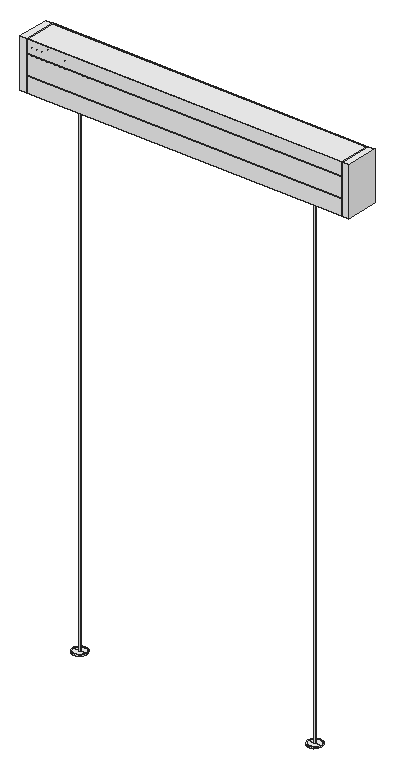
Revit family "2.3 inch  MAGIC WALL WASH LINEAR LIGHT", category Lighting Fixtures, host Face, Revit 2020 (continued)
Types (17): name | Wattage Comments | Wattage | Wall Mount | Suspenders Distance | Surface Mount | Recessed Mount | Photometric Web File | Pendent Mount | Order number | built-in parameter 1150142 | Model | built-in parameter 1150105 | Lumens | Light Source Height | Light Source Distance | built-in parameter 1150106 | Fixture Length
    0     3.23     3.25     3.28     3.31     \r\n 3.33     3.36     3.39     3.42     3.44     3.47     3.50     3.53     3.54     3.55     \r\n 3.57     3.58     3.60     3.61     3.63     3.65     3.66     3.68     3.70     3.71     \r\n 3.73     3.74     3.76     3.77     3.79     3.81     3.82     3.84     3.85     3.87     \r\n 3.88     3.90     3.91     3.93     3.94     3.96     3.97     3.99     4.00     4.01     \r\n 4.26     \r\n1793.11  1796.61  1800.05  1803.42  1806.72  1809.95  1813.08  1815.98  1818.87  1821.74  \r\n 1824.60  1827.44  1830.20  1832.79  1835.36  1837.93  1840.49  1843.04  1845.36  1847.33  \r\n 1849.25  1851.14  1852.98  1854.78  1856.55  1858.30  1860.03  1861.74  1863.43  1865.11  \r\n 1866.66  1868.07  1868.40  1863.56  1858.69  1853.82  1848.73  1843.35  1837.94  1832.51  \r\n 1827.06  1821.58  1816.14  1810.85  1805.55  1800.24  1794.91  1789.57  1784.22  1778.71  \r\n 1773.15  1767.55  1761.90  1756.20  1750.46  1744.43  1738.19  1731.93  1725.65  1719.36  \r\n 1713.05  1706.71  1700.39  1694.03  1683.04  1671.31  1659.54  1647.72  1635.86  1623.97  \r\n 1612.05  1600.08  1588.07  1576.03  1563.94  1551.77  1539.23  1526.64  1513.99  1501.29  \r\n 1488.54  1475.73  1462.86  1449.86  1436.75  1423.59  1410.35  1397.05  1383.69  1370.26  \r\n 1356.77  1343.37  1329.94  1316.47  1301.11  1283.30  1265.42  1247.48  1229.48  1211.22  \r\n 1192.80  1174.32  1155.77  1137.17  1118.50  1099.77  1080.99  1062.14  1043.22  1024.25  \r\n 1005.24  986.18   967.08   947.95   928.77   909.55   890.30   871.00   851.57   832.00   \r\n 812.39   792.74   773.05   753.31   735.63   718.02   700.39   682.75   665.09   647.41   \r\n 629.68   611.92   594.14   576.36   558.56   540.76   522.94   505.11   487.27   469.43   \r\n 451.57   433.70   415.82   397.93   380.04   362.12   344.19   326.25   308.31   290.35   \r\n 272.39   254.43   238.97   230.46   221.96   213.45   204.95   196.45   187.95   179.46   \r\n 170.96   162.46   153.97   145.48   136.99   128.49   120.00   111.51   103.03   94.54    \r\n 86.05    77.56    69.08    60.59    52.11    43.62    35.14    26.65    18.17    9.68     \r\n 1.20     1.18     1.16     1.14     1.13     1.11     1.09     1.07     1.06     1.04     \r\n 1.02     1.00     0.99     0.97     0.95     0.94     0.92     0.90     0.89     0.87     \r\n 0.85     0.84     0.82     0.80     0.79     0.77     0.76     0.74     0.73     0.74     \r\n 0.76     0.78     0.80     0.83     0.85     0.87     0.89     0.92     0.94     0.96     \r\n 0.98     1.00     1.02     1.05     1.07     1.09     1.11     1.13     1.15     1.17     \r\n 1.19     1.22     1.24     1.26     1.28     1.31     1.33     1.35     1.37     1.40     \r\n 1.42     1.45     1.47     1.50     1.53     1.55     1.58     1.61     1.63     1.66     \r\n 1.69     1.72     1.74     1.77     1.80     1.83     1.85     1.88     1.91     1.94     \r\n 1.97     2.00     2.03     2.05     2.08     2.11     2.14     2.17     2.19     2.21     \r\n 2.23     2.26     2.28     2.30     2.33     2.35     2.37     2.40     2.42     2.45     \r\n 2.47     2.50     2.52     2.55     2.58     2.60     2.63     2.65     2.67     2.70     \r\n 2.72     2.75     2.77     2.80     2.82     2.85     2.88     2.90     2.92     2.94     \r\n 2.97     2.99     3.01     3.03     3.06     3.08     3.10     3.12     3.15     3.17     \r\n 3.19     3.22     3.24     3.26     3.29     3.31     3.34     3.37     3.39     3.41     \r\n 3.44     3.46     3.48     3.51     3.53     3.56     3.58     3.61     3.63     3.65     \r\n 3.66     3.67     3.68     3.70     3.71     3.72     3.73     3.75     3.76     3.77     \r\n 3.79     3.80     3.81     3.82     3.84     3.85     3.86     3.87     3.89     3.90     \r\n 3.91     3.92     3.94     3.95     3.96     3.97     3.98     3.99     4.00     4.01     \r\n 4.26     \r\n1793.11  1795.39  1797.61  1799.79  1801.91  1803.98  1805.99  1807.95  1809.82  1811.58  \r\n 1813.32  1815.05  1816.77  1818.48  1820.18  1821.86  1823.45  1824.95  1826.44  1827.93  \r\n 1829.40  1830.87  1832.32  1833.77  1834.89  1835.82  1836.72  1837.58  1838.42  1839.22  \r\n 1839.99  1840.72  1835.18  1829.58  1823.97  1818.34  1812.70  1807.03  1801.35  1795.64  \r\n 1789.82  1783.93  1778.02  1772.09  1766.16  1760.20  1754.23  1748.24  1742.11  1735.73  \r\n 1729.33  1722.91  1716.47  1710.01  1703.53  1697.03  1690.51  1684.18  1677.87  1671.55  \r\n 1665.22  1658.88  1651.11  1639.40  1627.63  1615.80  1603.72  1591.61  1579.48  1567.32  \r\n 1555.13  1542.92  1530.68  1518.42  1506.13  1493.69  1481.13  1468.55  1455.94  1443.31  \r\n 1430.65  1417.97  1405.26  1392.53  1379.77  1366.95  1354.09  1341.20  1328.27  1315.32  \r\n 1302.34  1289.32  1276.22  1259.09  1241.91  1224.67  1207.41  1190.08  1172.70  1155.26  \r\n 1137.76  1120.21  1102.60  1084.93  1067.21  1049.44  1031.61  1013.70  995.58   977.42   \r\n 959.22   940.98   922.71   904.40   886.06   867.68   849.27   830.82   812.34   793.83   \r\n 775.28   756.69   738.63   721.88   705.10   688.30   671.48   654.62   637.75   620.85   \r\n 603.93   586.98   570.01   553.02   536.01   518.97   501.92   484.84   467.74   450.63   \r\n 433.49   416.33   399.16   381.97   364.76   347.53   330.29   313.04   295.77   278.48   \r\n 261.18   244.07   235.71   227.35   218.99   210.62   202.26   193.89   185.51   177.14   \r\n 168.76   160.38   152.00   143.62   135.23   126.84   118.45   110.06   101.67   93.27    \r\n 84.88    76.48    68.08    59.69    51.29    42.89    34.49    26.08    17.68    9.28     \r\n 0.88     0.87     0.87     0.87     0.86     0.86     0.86     0.85     0.85     0.84     \r\n 0.84     0.84     0.83     0.83     0.82     0.82     0.82     0.81     0.81     0.81     \r\n 0.80     0.80     0.80     0.79     0.79     0.79     0.79     0.78     0.78     0.78     \r\n 0.80     0.83     0.85     0.87     0.90     0.92     0.94     0.97     0.99     1.01     \r\n 1.04     1.06     1.08     1.11     1.13     1.16     1.18     1.20     1.23     1.25     \r\n 1.28     1.30     1.33     1.35     1.38     1.40     1.43     1.45     1.48     1.51     \r\n 1.53     1.56     1.58     1.61     1.64     1.66     1.69     1.72     1.75     1.77     \r\n 1.80     1.83     1.86     1.89     1.91     1.94     1.97     2.00     2.03     2.06     \r\n 2.09     2.12     2.15     2.18     2.21     2.24     2.26     2.29     2.32     2.35     \r\n 2.37     2.39     2.42     2.44     2.46     2.49     2.51     2.54     2.56     2.58     \r\n 2.61     2.63     2.66     2.68     2.71     2.73     2.76     2.78     2.81     2.83     \r\n 2.86     2.88     2.91     2.93     2.96     2.99     3.01     3.04     3.07     3.09     \r\n 3.11     3.14     3.16     3.18     3.20     3.22     3.24     3.27     3.29     3.31     \r\n 3.33     3.35     3.37     3.39     3.42     3.44     3.46     3.48     3.50     3.53     \r\n 3.55     3.57     3.59     3.61     3.63     3.65     3.67     3.69     3.72     3.74     \r\n 3.75     3.76     3.77     3.78     3.79     3.80     3.81     3.82     3.83     3.83     \r\n 3.84     3.85     3.86     3.87     3.88     3.89     3.90     3.91     3.92     3.93     \r\n 3.94     3.95     3.96     3.97     3.98     3.98     3.99     4.00     4.01     4.02     \r\n 4.26     \r\n1793.11  1794.15  1795.15  1796.11  1797.04  1797.93  1798.79  1799.61  1800.39  1801.13  \r\n 1801.84  1802.51  1803.13  1803.72  1804.31  1804.89  1805.46  1806.02  1806.57  1807.11  \r\n 1807.65  1808.17  1808.68  1809.19  1809.61  1810.00  1810.39  1810.77  1811.14  1811.51  \r\n 1811.87  1808.56  1802.33  1796.08  1789.80  1783.49  1776.88  1770.24  1763.59  1756.95  \r\n 1750.30  1743.64  1736.99  1730.32  1723.66  1716.99  1710.32  1703.64  1696.94  1690.22  \r\n 1683.48  1676.73  1669.96  1663.18  1656.39  1649.58  1642.76  1635.93  1629.08  1622.21  \r\n 1615.33  1607.17  1595.04  1582.88  1570.68  1558.45  1546.19  1533.89  1521.56  1509.19  \r\n 1496.79  1484.35  1471.89  1459.38  1446.85  1434.21  1421.55  1408.89  1396.22  1383.53  \r\n 1370.83  1358.12  1345.40  1332.66  1319.92  1307.16  1294.39  1281.61  1268.81  1256.01  \r\n 1243.04  1229.56  1212.81  1196.04  1179.23  1162.41  1145.55  1128.67  1111.75  1094.82  \r\n 1077.85  1060.86  1043.85  1026.81  1009.74  992.65   975.53   958.39   941.21   924.00   \r\n 906.75   889.47   872.15   854.80   837.41   819.99   802.54   785.05   767.53   749.98   \r\n 732.40   715.22   699.39   683.53   667.66   651.76   635.84   619.90   603.94   587.96   \r\n 571.98   555.98   539.95   523.91   507.84   491.75   475.64   459.52   443.37   427.21   \r\n 411.03   394.83   378.61   362.38   346.13   329.87   313.59   297.30   280.99   264.67   \r\n 248.33   236.64   228.54   220.43   212.32   204.21   196.09   187.97   179.84   171.71   \r\n 163.58   155.45   147.32   139.18   131.04   122.90   114.75   106.61   98.46    90.31    \r\n 82.16    74.01    65.85    57.70    49.54    41.38    33.23    25.07    16.91    8.75     \r\n 0.59     0.60     0.61     0.62     0.63     0.63     0.64     0.65     0.66     0.67     \r\n 0.67     0.68     0.69     0.70     0.71     0.71     0.72     0.73     0.74     0.75     \r\n 0.76     0.76     0.77     0.78     0.79     0.80     0.81     0.82     0.83     0.84     \r\n 0.85     0.88     0.90     0.93     0.95     0.98     1.00     1.03     1.05     1.08     \r\n 1.10     1.13     1.16     1.18     1.21     1.23     1.26     1.28     1.31     1.34     \r\n 1.36     1.39     1.42     1.44     1.47     1.49     1.52     1.55     1.57     1.60     \r\n 1.63     1.66     1.69     1.72     1.75     1.78     1.81     1.84     1.87     1.90     \r\n 1.93     1.96     1.99     2.02     2.05     2.08     2.11     2.14     2.17     2.20     \r\n 2.23     2.26     2.29     2.32     2.35     2.38     2.41     2.44     2.48     2.51     \r\n 2.53     2.56     2.58     2.60     2.63     2.65     2.67     2.70     2.72     2.75     \r\n 2.77     2.80     2.82     2.85     2.87     2.90     2.92     2.95     2.97     3.00     \r\n 3.03     3.05     3.08     3.11     3.14     3.16     3.19     3.22     3.25     3.28     \r\n 3.30     3.31     3.33     3.34     3.36     3.37     3.39     3.41     3.42     3.44     \r\n 3.46     3.47     3.49     3.51     3.53     3.55     3.57     3.59     3.61     3.62     \r\n 3.64     3.66     3.68     3.70     3.72     3.74     3.76     3.78     3.80     3.82     \r\n 3.84     3.84     3.85     3.86     3.86     3.87     3.88     3.88     3.89     3.90     \r\n 3.90     3.91     3.92     3.92     3.93     3.94     3.94     3.95     3.96     3.96     \r\n 3.97     3.97     3.98     3.99     3.99     4.00     4.00     4.01     4.01     4.02     \r\n 4.26     \r\n1793.11  1792.90  1792.66  1792.41  1792.15  1791.86  1791.56  1791.23  1790.89  1790.53  \r\n 1790.15  1789.75  1789.33  1788.89  1788.44  1787.96  1787.46  1786.95  1786.42  1785.86  \r\n 1785.29  1784.70  1784.09  1783.45  1782.87  1782.30  1781.71  1781.12  1780.53  1779.93  \r\n 1779.33  1772.96  1765.87  1758.76  1751.63  1744.49  1737.33  1730.16  1722.97  1715.76  \r\n 1708.54  1701.30  1694.04  1686.77  1679.48  1672.17  1664.85  1657.51  1650.15  1642.76  \r\n 1635.36  1627.95  1620.53  1613.09  1605.64  1598.17  1590.69  1583.20  1575.69  1568.17  \r\n 1560.64  1549.11  1536.64  1524.15  1511.65  1499.14  1486.62  1474.09  1461.54  1448.98  \r\n 1436.41  1423.82  1411.22  1398.61  1385.98  1373.31  1360.62  1347.92  1335.20  1322.46  \r\n 1309.71  1296.94  1284.15  1271.35  1258.54  1245.71  1232.86  1219.99  1207.11  1194.22  \r\n 1181.31  1165.76  1149.46  1133.14  1116.81  1100.45  1084.08  1067.69  1051.28  1034.85  \r\n 1018.41  1001.95  985.47   968.97   952.46   935.93   919.39   902.84   886.28   869.71   \r\n 853.12   836.51   819.89   803.26   786.61   769.95   753.27   736.58   719.88   703.16   \r\n 686.43   671.22   656.34   641.45   626.55   611.63   596.70   581.76   566.80   551.82   \r\n 536.84   521.84   506.82   491.80   476.76   461.71   446.65   431.58   416.50   401.40   \r\n 386.30   371.19   356.06   340.93   325.78   310.63   295.47   280.30   265.12   249.94   \r\n 234.75   226.17   218.41   210.65   202.88   195.11   187.34   179.57   171.79   164.01   \r\n 156.23   148.45   140.67   132.88   125.10   117.31   109.52   101.73   93.94    86.15    \r\n 78.36    70.56    62.77    54.97    47.18    39.38    31.58    23.79    15.99    8.19     \r\n 0.39     0.41     0.43     0.44     0.46     0.48     0.49     0.51     0.53     0.54     \r\n 0.56     0.58     0.59     0.61     0.63     0.64     0.66     0.68     0.69     0.71     \r\n 0.73     0.74     0.76     0.78     0.79     0.81     0.83     0.84     0.86     0.88     \r\n 0.90     0.92     0.95     0.98     1.01     1.04     1.06     1.09     1.12     1.15     \r\n 1.17     1.20     1.23     1.26     1.29     1.31     1.34     1.37     1.40     1.43     \r\n 1.45     1.48     1.51     1.54     1.57     1.59     1.62     1.65     1.68     1.71     \r\n 1.73     1.77     1.80     1.83     1.86     1.89     1.92     1.95     1.98     2.02     \r\n 2.05     2.08     2.11     2.14     2.17     2.20     2.24     2.27     2.30     2.33     \r\n 2.37     2.40     2.43     2.46     2.49     2.53     2.56     2.59     2.62     2.66     \r\n 2.69     2.71     2.74     2.76     2.78     2.81     2.83     2.85     2.88     2.90     \r\n 2.93     2.95     2.97     3.00     3.02     3.04     3.07     3.09     3.12     3.14     \r\n 3.16     3.19     3.21     3.24     3.26     3.29     3.31     3.33     3.36     3.38     \r\n 3.41     3.42     3.44     3.46     3.47     3.49     3.51     3.53     3.54     3.56     \r\n 3.58     3.59     3.61     3.63     3.65     3.66     3.68     3.70     3.72     3.73     \r\n 3.75     3.77     3.79     3.80     3.82     3.84     3.86     3.87     3.89     3.91     \r\n 3.93     3.93     3.93     3.94     3.94     3.94     3.95     3.95     3.95     3.96     \r\n 3.96     3.96     3.97     3.97     3.97     3.98     3.98     3.98     3.99     3.99     \r\n 3.99     4.00     4.00     4.00     4.01     4.01     4.01     4.01     4.02     4.02     \r\n 4.26     \r\n1793.11  1791.65  1790.19  1788.73  1787.27  1785.80  1784.34  1782.88  1781.42  1779.96  \r\n 1778.50  1777.04  1775.58  1774.12  1772.66  1771.20  1769.74  1768.28  1766.81  1765.35  \r\n 1763.89  1762.43  1760.97  1759.51  1758.05  1756.59  1755.13  1753.67  1752.21  1750.75  \r\n 1749.28  1741.19  1733.09  1724.99  1716.89  1708.79  1700.69  1692.59  1684.49  1676.39  \r\n 1668.29  1660.19  1652.09  1643.99  1635.89  1627.80  1619.70  1611.60  1603.50  1595.40  \r\n 1587.30  1579.20  1571.10  1563.00  1554.90  1546.80  1538.70  1530.60  1522.50  1514.41  \r\n 1506.31  1493.32  1480.33  1467.34  1454.35  1441.36  1428.37  1415.39  1402.40  1389.41  \r\n 1376.42  1363.43  1350.44  1337.45  1324.47  1311.48  1298.49  1285.50  1272.51  1259.52  \r\n 1246.53  1233.55  1220.56  1207.57  1194.58  1181.59  1168.60  1155.61  1142.63  1129.64  \r\n 1116.65  1100.71  1084.77  1068.83  1052.89  1036.95  1021.01  1005.07  989.13   973.20   \r\n 957.26   941.32   925.38   909.44   893.50   877.56   861.62   845.68   829.74   813.80   \r\n 797.86   781.92   765.98   750.05   734.11   718.17   702.23   686.29   670.35   654.41   \r\n 638.47   624.57   610.68   596.78   582.88   568.99   555.09   541.19   527.30   513.40   \r\n 499.50   485.61   471.71   457.81   443.92   430.02   416.12   402.23   388.33   374.43   \r\n 360.54   346.64   332.74   318.85   304.95   291.05   277.16   263.26   249.36   235.47   \r\n 221.57   214.20   206.82   199.45   192.08   184.70   177.33   169.95   162.58   155.21   \r\n 147.83   140.46   133.08   125.71   118.34   110.96   103.59   96.22    88.84    81.47    \r\n 74.09    66.72    59.35    51.97    44.60    37.22    29.85    22.48    15.10    7.73     \r\n 0.35     0.37     0.39     0.41     0.43     0.45     0.47     0.49     0.51     0.53     \r\n 0.55     0.57     0.59     0.61     0.63     0.65     0.67     0.69     0.71     0.73     \r\n 0.75     0.77     0.79     0.81     0.83     0.85     0.87     0.89     0.91     0.93     \r\n 0.95     0.98     1.01     1.04     1.07     1.10     1.13     1.16     1.19     1.22     \r\n 1.25     1.28     1.31     1.34     1.37     1.40     1.43     1.46     1.49     1.52     
